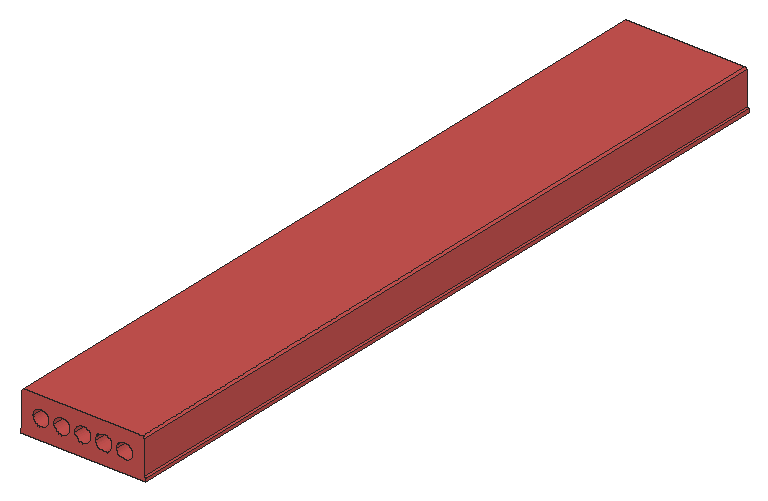
Revit family "Laje_Alveolar_40", category Structural Framing, Revit 2025
Family settings
  Structural Framing Length Roundoff = 0.000 m
  Section Shape = Not Defined
  Material for Model Behavior = Other
  Always export as geometry = No
  Work Plane-Based = No
  Always vertical = Yes
  Cut with Voids When Loaded = No
  Symbolic Representation = From Family
  Shared = No
  Show family pre-cut in plan views = Yes
Parameters (values of type "LAJ_125x040_CON_PRO_ALV")
  Structural Material [instance] = CT_Concreto_Protendido
  Material_Laje_Alveolar = CT_Concreto_Protendido
  Laje_alv_Vao [instance] = 7.500 m
  Laje_alv_Raio = Laje_alv_Altura / 5  # 0.080 m
  Laje_alv_Largura = 1.250 m
  Laje_alv_Altura = 0.400 m
Reference planes (m)
  plane 1 "Center (Front/Back)": y = 0
  plane 2: z = 0
  plane 3 "Center (Left/Right)": x = 0
  plane 4: z = -0.4
  plane 5: x = 1.25
  plane 6: z = -0.2
  plane 7: x = 0.208333
  plane 8: x = 0.416667
  plane 9: x = 0.625
  plane 10: x = 0.833333
  plane 11: x = 1.041667
  plane 12: y = 7.5
Forms (m)
  Extrusion 1, solid, material "CT_Concreto_Protendido" <- "Material_Laje_Alveolar"
    sketch origin (0, 0, 0) x (1, 0, 0) y (0, 0, 1)
      loop
        line (0.035, 0) -> (0.014142, -0.020858) -> (0.014142, -0.355858) -> (0, -0.37) -> (0, -0.4) -> (1.25, -0.4) -> (1.25, -0.37) -> (1.235858, -0.355858) -> (1.235858, -0.020858) -> (1.215, 0) -> (0.035, 0)
      loop
        circle (0.208333, -0.2) r 0.08
      loop
        circle (0.416667, -0.2) r 0.08
      loop
        circle (0.625, -0.2) r 0.08
      loop
        circle (0.833333, -0.2) r 0.08
      loop
        circle (1.041667, -0.2) r 0.08
    from 0 to -7.5
Dimensions and locks (m)
  "Laje_alv_Altura": plane 2 to plane 4
  "Laje_alv_Largura": plane 5 to plane 3 "Center (Left/Right)"
  "Laje_alv_Vao": plane 12 to plane 1 "Center (Front/Back)"
  equal spacing: level, plane 6, plane 4
  equal spacing: plane 5, plane 11, plane 10, plane 9, plane 8, plane 7, plane 3 "Center (Left/Right)"
  "Laje_alv_Raio": radius of Extrusion 1 sketch curve  (x5)
  aligned and locked: level to plane 2
  aligned and locked: Extrusion 1 sketch curve to plane 2
  aligned and locked: plane 3 "Center (Left/Right)" to Extrusion 1 sketch curve
  aligned and locked: plane 4 to Extrusion 1 sketch curve
  aligned and locked: plane 12 to Extrusion 1
Automatic sketch dimensions
  Extrusion 1 sketch curve to plane 6 = 0.000 m  (x5)
  Extrusion 1 sketch curve to plane 7 = 0.000 m
  Extrusion 1 sketch curve to plane 8 = 0.000 m
  Extrusion 1 sketch curve to plane 9 = 0.000 m
  Extrusion 1 sketch curve to plane 10 = 0.000 m
  Extrusion 1 sketch curve to plane 11 = 0.000 m
  plane 5 to Extrusion 1 sketch curve = 0.000 m
  plane 3 "Center (Left/Right)" to Extrusion 1 sketch curve = 0.014142 m
  Extrusion 1 sketch curve to Extrusion 1 sketch curve = 0.020858 m
  Extrusion 1 sketch curve to plane 5 = 0.035 m
  Extrusion 1 sketch curve to plane 5 = 0.014142 m
  Extrusion 1 sketch curve to Extrusion 1 sketch curve = 0.030 m  (x2)
  Extrusion 1 sketch curve to Extrusion 1 sketch curve = 0.014142 m  (x2)
  Extrusion 1 sketch curve to level = 0.020858 m  (x2)
